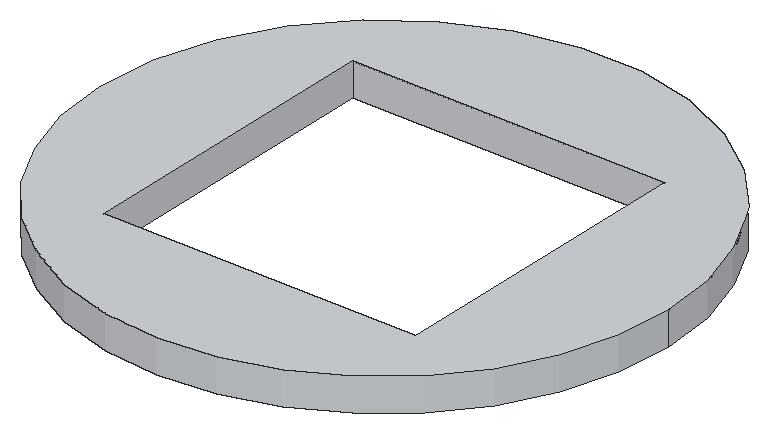
Revit family "Gira_0211135", category Electrical Fixtures, host Face, Revit 2017
Family settings
  Host = Face
  Maintain Annotation Orientation = No
  Round Connector Dimension = Use Diameter
  Part Type = Normal
  Cut with Voids When Loaded = No
  Shared = No
  Room Calculation Point = No
Parameters (values of type "Abdeckrahmen 1f Gira Studio G Schwarz")
  Werkstoffgüte = "Echtglas"
  Werkstoff = "Glas"
  Verfügbar = "Ja"
  URL = "http://katalog.gira.de/de_DE/datenblatt.html?artikelnr=0211135"
  Transparent = "Nein"
  Textfeld/Beschriftungsfläche = "Nein"
  Schutzart (IP) = "IP20"
  Region = "DE"
  Oberfläche = "sonstige"
  Name = "Abdeckrahmen 1f Gira Studio G Schwarz"
  Montagerichtung = "horizontal und vertikal"
  Mit Montagerahmen = "Nein"
  Mit Klappdeckel = "Nein"
  Manufacturer URL = "https://www.gira.de/"
  Kategorie = "Abdeckrahmen"
  Manufacturer = "Gira"
  HeinzeBIM = "https://bimportal.heinze.de/bim/abdeckrahmen-1f-gira-studio-g-schwarz/62a9ac82378573f2f51095707173870dee46684a"
  Halogenfrei = "Nein"
  HAN = "0211135"
  Geeignet für Unterputz-Installation = "Ja"
  Geeignet für Unterflurkanaldose = "Nein"
  Geeignet für Geräteeinbaukanal = "Nein"
  Geeignet für Einbauinstallation = "Nein"
  GTIN = "4010337045656"
  Farbe = "schwarz"
  Description = "Abdeckrahmen Gira Studio Glas Schwarz 1fach Installation in handelsübliche Gerätedosen, beliebig erweiterbar durch Installation in Gerätedosen mit Abstandsstutzen. Für die Aufputz-Installation: Gira Studio, Gehäuse 1fach mit Abdeckrahmen 1fach, beliebig erweiterbar."
  Data sheet (1) = "https://katalog.gira.de/de_DE/download.html?artikelnr=0211135"
  Category = "Abdeckrahmen"
  Befestigungsart = "Klemmbefestigung"
  Keynote = "Studio_Rahmen_Abdeckplatte_1fach"
  Default Elevation = 1219.2 mm
  BIM (2) = "https://media.live.bim.site/public/gira/9fde4c0/Studio_Rahmen_Tragplatte_1fach.rfa"
  BIM (1) = "https://media.live.bim.site/public/gira/9fde4c0/Studio_Rahmen_Abdeckplatte_1fach.rfa"
  Available = "Yes"
  Ausführung der Oberfläche = "glänzend"
  Anzahl der Einheiten vertikal = "1 "
  Anzahl der Einheiten horizontal = "1 "
  Anzahl der Einheiten = "1 "
Reference planes
  plane 1 "Center (Front/Back)": y = 0
  plane 2: z = 0
  plane 3 "Center (Left/Right)": x = 0
Forms (mm)
  Extrusion 1, solid, detail levels fine
    sketch origin (0, 0, 0) x (1, 0, 0) y (0, 1, 0)
      loop
        circle (0, 0) r 51.5
      loop
        line (28.2, 28.2) -> (-28.2, 28.2) -> (-28.2, -28.2) -> (28.2, -28.2) -> (28.2, 28.2)
    from 0 to 6
  Extrusion 2, solid, detail levels medium
    sketch origin (0, 0, 0) x (1, 0, 0) y (0, 1, 0)
      loop
        circle (0, 0) r 51.5
    from 0 to 6
  Extrusion 3, solid, detail levels coarse
    sketch origin (0, 0, 0) x (1, 0, 0) y (0, 1, 0)
      loop
        line (51.5, 51.5) -> (-51.5, 51.5) -> (-51.5, -51.5) -> (51.5, -51.5) -> (51.5, 51.5)
    from 0 to 6
Dimensions and locks
  aligned and locked: plane 2 to host face
  aligned and locked: level to host face
